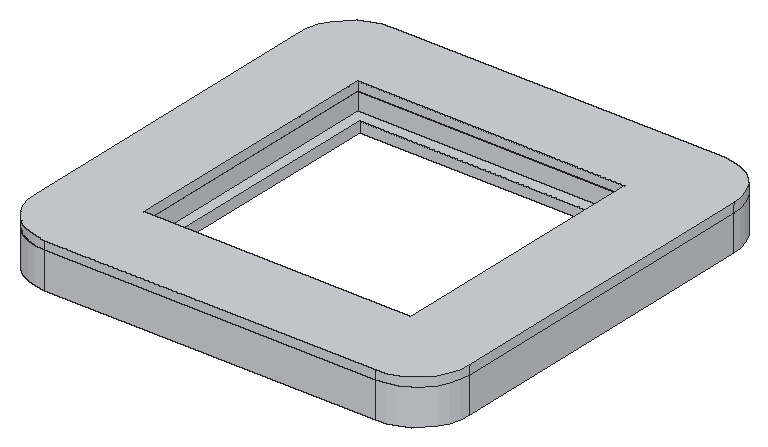
Revit family "Gira_0211418", category Electrical Fixtures, host Face, Revit 2017
Family settings
  Host = Face
  Maintain Annotation Orientation = No
  Round Connector Dimension = Use Diameter
  Part Type = Normal
  Cut with Voids When Loaded = No
  Shared = No
  Room Calculation Point = No
Parameters (values of type "Cov.fr. 1-g Gira E3 grey beige/p.white")
  URL = "http://katalog.gira.de/en/datenblatt.html?artikelnr=0211418"
  Transparent = "No"
  Name = "Cov.fr. 1-g Gira E3 grey beige/p.white"
  Manufacturer URL = "https://www.gira.de/"
  Manufacturer = "Gira"
  Keynote = ""
  HeinzeBIM = "https://bimportal.heinze.de/bim/cov-fr-1-g-gira-e3-grey-beige-p-white/41ddb1bb3ad2994b5ace04a92e20a7e04947011f"
  HAN = "0211418"
  GTIN = "4010337024637"
  Description = "Cov.fr.1g E3 GbgPw,Gira E3 cover frame,grey beige soft touch with pure white glossy intermediate frame,1-gang,Features:,- Shatter-proof.,,Notes :,- Soft-touch surface,- NCS value: approx. NCS S 4005-Y20R"
  Default Elevation = 1219.2 mm
  Data sheet (1) = "https://katalog.gira.de/en/download.html?artikelnr=0211418"
  Category = "Cover frame for domestic switching devices"
  BIM (1) = "https://media.stage.bim.site/public/gira/36a6b08/E3_Rahmen_1fach.rfa"
  Available = "No"
Reference planes
  plane 1 "Center (Front/Back)": y = 0
  plane 2: z = 0
  plane 3 "Center (Left/Right)": x = 0
Forms (mm)
  Extrusion 1, solid, detail levels fine
    sketch origin (0, 0, 0) x (1, 0, 0) y (0, 1, 0)
      loop
        arc (-34.8, 45.809) -> (-42.585, 42.585) -> (-45.809, 34.8) r 11.009
        line (-45.809, 34.8) -> (-45.809, -34.8)
        arc (-45.809, -34.8) -> (-42.585, -42.585) -> (-34.8, -45.809) r 11.009
        line (-34.8, -45.809) -> (34.8, -45.809)
        arc (34.8, -45.809) -> (42.585, -42.585) -> (45.809, -34.8) r 11.009
        line (45.809, -34.8) -> (45.809, 34.8)
        arc (45.809, 34.8) -> (42.585, 42.585) -> (34.8, 45.809) r 11.009
        line (34.8, 45.809) -> (-34.8, 45.809)
      loop
        line (28.187, 28.156) -> (-28.187, 28.156) -> (-28.187, -28.156) -> (28.187, -28.156) -> (28.187, 28.156)
    from 7.65 to 9.5
  Extrusion 2, solid, detail levels fine
    sketch origin (0, 0, 0) x (1, 0, 0) y (0, 1, 0)
      loop
        line (25.7, 25.7) -> (-25.7, 25.7) -> (-25.7, -25.7) -> (25.7, -25.7) -> (25.7, 25.7)
      loop
        line (-28.187, -28.156) -> (28.187, -28.156) -> (28.187, 28.156) -> (-28.187, 28.156) -> (-28.187, -28.156)
    from 1.65 to 3.9
  Extrusion 3, solid, detail levels fine
    sketch origin (0, 0, 0) x (1, 0, 0) y (0, 1, 0)
      loop
        arc (-34.8, 45.809) -> (-42.585, 42.585) -> (-45.809, 34.8) r 11.009
        line (-45.809, 34.8) -> (-45.809, -34.8)
        arc (-45.809, -34.8) -> (-42.585, -42.585) -> (-34.8, -45.809) r 11.009
        line (-34.8, -45.809) -> (34.8, -45.809)
        arc (34.8, -45.809) -> (42.585, -42.585) -> (45.809, -34.8) r 11.009
        line (45.809, -34.8) -> (45.809, 34.8)
        arc (45.809, 34.8) -> (42.585, 42.585) -> (34.8, 45.809) r 11.009
        line (34.8, 45.809) -> (-34.8, 45.809)
      loop
        line (-43.843, 34.785) -> (-43.843, -34.785)
        arc (-43.843, -34.785) -> (-41.19, -41.19) -> (-34.785, -43.843) r 9.058
        line (-34.785, -43.843) -> (34.785, -43.843)
        arc (34.785, -43.843) -> (41.19, -41.19) -> (43.843, -34.785) r 9.058
        line (43.843, -34.785) -> (43.843, 34.785)
        arc (43.843, 34.785) -> (41.19, 41.19) -> (34.785, 43.843) r 9.058
        line (34.785, 43.843) -> (-34.785, 43.843)
        arc (-34.785, 43.843) -> (-41.19, 41.19) -> (-43.843, 34.785) r 9.058
    from 0 to 7.65
  Extrusion 4, solid, detail levels fine
    sketch origin (0, 0, 0) x (1, 0, 0) y (0, 1, 0)
      loop
        line (-27.337, -31.075) -> (27.337, -31.075)
        arc (27.337, -31.075) -> (29.98, -29.98) -> (31.075, -27.337) r 3.739
        line (31.075, -27.337) -> (31.075, 27.337)
        arc (31.075, 27.337) -> (29.98, 29.98) -> (27.337, 31.075) r 3.739
        line (27.337, 31.075) -> (-27.337, 31.075)
        arc (-27.337, 31.075) -> (-29.98, 29.98) -> (-31.075, 27.337) r 3.739
        line (-31.075, 27.337) -> (-31.075, -27.337)
        arc (-31.075, -27.337) -> (-29.98, -29.98) -> (-27.337, -31.075) r 3.739
      loop
        line (-29.925, 27.537) -> (-29.925, -27.537)
        arc (-29.925, -27.537) -> (-29.226, -29.226) -> (-27.537, -29.925) r 2.389
        line (-27.537, -29.925) -> (27.537, -29.925)
        arc (27.537, -29.925) -> (29.226, -29.226) -> (29.925, -27.537) r 2.389
        line (29.925, -27.537) -> (29.925, 27.537)
        arc (29.925, 27.537) -> (29.226, 29.226) -> (27.537, 29.925) r 2.389
        line (27.537, 29.925) -> (-27.537, 29.925)
        arc (-27.537, 29.925) -> (-29.226, 29.226) -> (-29.925, 27.537) r 2.389
    from 1.65 to 7.65
  Extrusion 5, solid, detail levels fine
    sketch origin (0, 0, 0) x (1, 0, 0) y (0, 1, 0)
      loop
        line (-32.053, -39.8) -> (32.053, -39.8)
        arc (32.053, -39.8) -> (37.667, -36.708) -> (39.9, -30.7) r 9.2
        line (39.9, -30.7) -> (39.9, 30.7)
        arc (39.9, 30.7) -> (37.205, 37.205) -> (30.7, 39.9) r 9.2
        line (30.7, 39.9) -> (-30.7, 39.9)
        arc (-30.7, 39.9) -> (-37.205, 37.205) -> (-39.9, 30.7) r 9.2
        line (-39.9, 30.7) -> (-39.9, -30.7)
        arc (-39.9, -30.7) -> (-37.667, -36.708) -> (-32.053, -39.8) r 9.2
      loop
        line (-30.7, -31.7) -> (30.7, -31.7)
        arc (30.7, -31.7) -> (31.407, -31.407) -> (31.7, -30.7) r 1
        line (31.7, -30.7) -> (31.7, 30.7)
        arc (31.7, 30.7) -> (31.407, 31.407) -> (30.7, 31.7) r 1
        line (30.7, 31.7) -> (-30.7, 31.7)
        arc (-30.7, 31.7) -> (-31.407, 31.407) -> (-31.7, 30.7) r 1
        line (-31.7, 30.7) -> (-31.7, -30.7)
        arc (-31.7, -30.7) -> (-31.407, -31.407) -> (-30.7, -31.7) r 1
    from 1.65 to 3.9
  Extrusion 6, solid, detail levels fine
    sketch origin (0, 0, 0) x (1, 0, 0) y (0, 1, 0)
      loop
        line (-28.187, 28.156) -> (-28.187, -28.156) -> (28.187, -28.156) -> (28.187, 28.156) -> (-28.187, 28.156)
      loop
        line (-29.925, 29.925) -> (-29.925, -29.925) -> (29.925, -29.925) -> (29.925, 29.925) -> (-29.925, 29.925)
    from 1.65 to 7.65
  Extrusion 7, solid, detail levels coarse+medium
    sketch origin (0, 0, 0) x (1, 0, 0) y (0, 1, 0)
      loop
        line (-45.809, 45.809) -> (-45.809, -45.809) -> (45.809, -45.809) -> (45.809, 45.809) -> (-45.809, 45.809)
    from 0 to 9.5
Dimensions and locks
  aligned and locked: plane 2 to host face
  aligned and locked: level to host face
